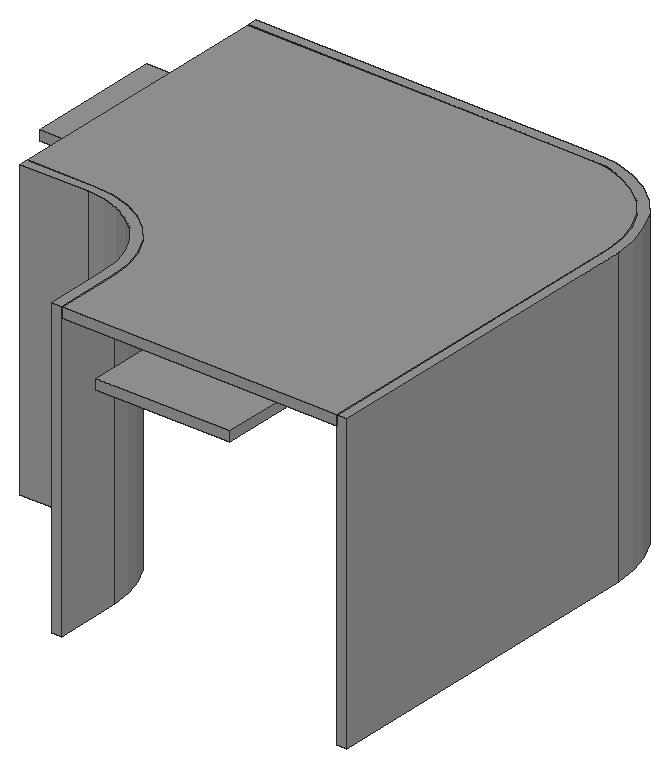
Revit family "Flachwinkelhaube WDK HF40060RW", category Generic Models, Revit 2017
Family settings
  Can host rebar = No
  Round Connector Dimension = Use Diameter
  Part Type = Normal
  Work Plane-Based = No
  Always vertical = Yes
  Cut with Voids When Loaded = No
  Shared = No
  Room Calculation Point = No
Parameters (values of type "WDK HF40060RW")
  URL = "hhtp://www.obo-bettermann.com"
  Material = Polyvinylchlorid
  Manufacturer Art.No. = "6192858"
  Manufacturer = "OBO BETTERMANN"
  GTIN = "4012196796991"
  Article Type = "WDK HF40060RW"
Reference planes
  plane 1 "Center (Front/Back)": y = 0
  plane 2: z = 0
  plane 3 "Center (Left/Right)": x = 0
  plane 4: z = 65.9
  plane 5: z = 63.7
  plane 6: z = 33
  plane 7: x = 8.7
  plane 8: x = -10
  plane 9: z = 61.5
  plane 10: y = 67.9
  plane 11: y = 82.9
  plane 12: y = 52.9
  plane 13: through (0, 0, 1200) normal (-0.7071, 0.7071, 0)
  plane 14: y = 8.7
  plane 15: y = -10
  plane 16: z = 61.5
Forms (mm)
  Extrusion 1, solid, material "Polyvinylchlorid" <- "Material"
    sketch origin (0, 0, 0) x (1, 0, 0) y (0, 1, 0)
      loop
        line (0, 98.7) -> (0, 37.2) -> (15, 37.2)
        arc (15, 37.2) -> (30.698, 30.698) -> (37.2, 15) r 22.2
        line (37.2, 15) -> (37.2, 0) -> (98.7, 0) -> (98.7, 75.9)
        arc (98.7, 75.9) -> (92.022, 92.022) -> (75.9, 98.7) r 22.8
        line (75.9, 98.7) -> (0, 98.7)
    from 63.7 to 65.9
  Extrusion 2, solid, material "Polyvinylchlorid" <- "Material"
    sketch origin (0, 0, 0) x (1, 0, 0) y (0, 1, 0)
      loop
        line (0, 98.7) -> (75.9, 98.7)
        arc (75.9, 98.7) -> (92.022, 92.022) -> (98.7, 75.9) r 22.8
        line (98.7, 75.9) -> (98.7, 0) -> (100.9, 0) -> (100.9, 75.9)
        arc (100.9, 75.9) -> (93.578, 93.578) -> (75.9, 100.9) r 25
        line (75.9, 100.9) -> (0, 100.9) -> (0, 98.7)
      loop
        line (0, 37.2) -> (0, 35) -> (15, 35)
        arc (15, 35) -> (29.142, 29.142) -> (35, 15) r 20
        line (35, 15) -> (35, 0) -> (37.2, 0) -> (37.2, 15)
        arc (37.2, 15) -> (30.698, 30.698) -> (15, 37.2) r 22.2
        line (15, 37.2) -> (0, 37.2)
    from 0 to 65.9
  Extrusion 3, solid, material "Polyvinylchlorid" <- "Material"
    sketch origin (0, 0, 0) x (1, 0, 0) y (0, 0, 1)
      loop
        line (8.7, 63.7) -> (6.5, 63.7) -> (6.5, 61.5) -> (-10, 61.5) -> (-10, 59.3) -> (8.7, 59.3) -> (8.7, 63.7)
    from -82.9 to -52.9
  Extrusion 4, solid, material "Polyvinylchlorid" <- "Material"
    sketch origin (0, 0, 0) x (0, 1, 0) y (0, 0, -1)
      loop
        line (8.7, -63.7) -> (8.7, -59.3) -> (-10, -59.3) -> (-10, -61.5) -> (6.5, -61.5) -> (6.5, -63.7) -> (8.7, -63.7)
    from -82.9 to -52.9
Dimensions and locks
  locked: Extrusion 1 sketch curve to Extrusion 1 sketch curve at 98.7  (x2)
  locked: plane 1 "Center (Front/Back)" to Extrusion 1 sketch curve at 37.2
  locked: plane 3 "Center (Left/Right)" to Extrusion 1 sketch curve at 37.2
  locked: plane 4 to level at 65.9
  locked: Extrusion 1 to Extrusion 1 at 2.2
  locked: plane 6 to level at 33
  locked: Extrusion 2 sketch curve to Extrusion 2 sketch curve at 100.9
  locked: Extrusion 1 to Extrusion 2 sketch curve at 100.9
  Extrusion 1 to Extrusion 2 sketch curve = 2.2 mm
  locked: Extrusion 1 to Extrusion 2 sketch curve at 2.2
  locked: Extrusion 2 sketch curve to Extrusion 1 at 2.2  (x2)
  plane 1 "Center (Front/Back)" to Extrusion 2 sketch curve = 35 mm
  plane 3 "Center (Left/Right)" to Extrusion 2 sketch curve = 35 mm
  locked: plane 9 to Extrusion 1 at 2.2
  locked: plane 7 to plane 3 "Center (Left/Right)" at 8.7
  locked: plane 3 "Center (Left/Right)" to plane 8 at 10
  locked: Extrusion 3 sketch curve to Extrusion 1 at 4.4
  locked: Extrusion 3 sketch curve to Extrusion 3 sketch curve at 18.7
  locked: Extrusion 3 sketch curve to Extrusion 3 sketch curve at 2.2  (x2)
  locked: Extrusion 2 to plane 10 at 33
  locked: Extrusion 3 to Extrusion 3 at 30
  locked: Extrusion 3 to plane 10 at 15
  locked: Extrusion 4 sketch curve to Extrusion 4 sketch curve at 18.7
  locked: Extrusion 4 sketch curve to Extrusion 4 sketch curve at 2.2  (x2)
  locked: Extrusion 4 to Extrusion 4 at 30
  aligned and locked: level to plane 2
  aligned and locked: Extrusion 1 to plane 3 "Center (Left/Right)"
  aligned and locked: plane 1 "Center (Front/Back)" to Extrusion 1
  aligned and locked: plane 4 to Extrusion 1
  aligned and locked: Extrusion 1 to plane 5
  aligned and locked: Extrusion 2 to plane 3 "Center (Left/Right)"  (x2)
  aligned and locked: plane 1 "Center (Front/Back)" to Extrusion 2  (x2)
  aligned and locked: Extrusion 2 to Extrusion 1
  aligned and locked: Extrusion 2 to level
  aligned and locked: plane 8 to Extrusion 3 sketch curve
  aligned and locked: Extrusion 3 to Extrusion 1
  aligned and locked: plane 11 to Extrusion 3
  aligned and locked: Extrusion 3 to plane 12
  aligned and locked: plane 15 to Extrusion 4 sketch curve
Automatic sketch dimensions
  Extrusion 1 sketch curve to plane 3 "Center (Left/Right)" = 0 mm
  Extrusion 1 sketch curve to plane 13 = 0 mm
  Extrusion 1 sketch curve to Extrusion 1 sketch curve = 15 mm
  Extrusion 1 sketch curve to plane 11 = 7 mm
  Extrusion 2 sketch curve to Extrusion 2 sketch curve = 0 mm  (x4)
  Extrusion 2 sketch curve to plane 3 "Center (Left/Right)" = 0 mm
  plane 1 "Center (Front/Back)" to Extrusion 2 sketch curve = 0 mm  (x2)
  Extrusion 2 sketch curve to Extrusion 2 sketch curve = 15 mm
  Extrusion 2 sketch curve to Extrusion 2 sketch curve = 2.2 mm  (x2)
  Extrusion 2 sketch curve to plane 11 = 7 mm
  Extrusion 3 sketch curve to plane 5 = 0 mm
  Extrusion 4 sketch curve to plane 5 = 0 mm
  Extrusion 4 sketch curve to plane 16 = 0 mm
